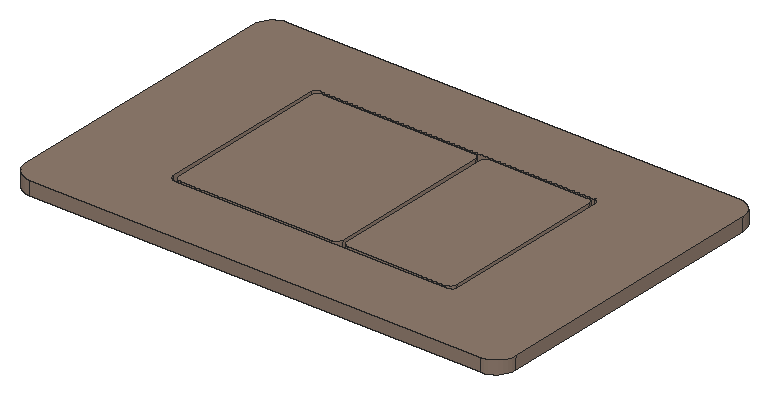
Revit family "ALMA-TBUTSQVB-Gregor_Square_Toilet_Flush_Plate_Button-Antique_Brass", category Plumbing Equipment, host Face, Revit 2026
Family settings
  Host = Face
  Round Connector Dimension = Use Diameter
  Classification = None
  Part Type = Normal
  Cut with Voids When Loaded = No
  Maintain Annotation Orientation = No
  Shared = No
  Room Calculation Point = No
Parameters
  Width = 162 mm
  Thickness = 6.5 mm
  Material = BM_ANTIQUE BRASS
  Length = 246 mm
  Default Elevation = 1219.2 mm
Reference planes
  plane 1 "Center (Front/Back)": y = 0
  plane 2: z = 0
  plane 3 "Center (Left/Right)": x = 0
  plane 4: y = 81
  plane 5: y = -81
  plane 6: x = -123
  plane 7: x = 123
  plane 8: y = 46
  plane 9: y = -46
  plane 10: x = 71.5
  plane 11: x = -71.5
  plane 12: x = -71.5
  plane 13: x = 10.453
  plane 14: x = 12.453
  plane 15: x = 69.5
  plane 16: z = 6.5
Forms (mm)
  Extrusion 1, solid, material "BM_ANTIQUE BRASS" <- "Material"
    sketch origin (0, 0, 0) x (1, 0, 0) y (0, 1, 0)
      loop
        arc (-113, 81) -> (-120.071, 78.071) -> (-123, 71) r 10
        line (-123, 71) -> (-123, -71)
        arc (-123, -71) -> (-120.071, -78.071) -> (-113, -81) r 10
        line (-113, -81) -> (113, -81)
        arc (113, -81) -> (120.071, -78.071) -> (123, -71) r 10
        line (123, -71) -> (123, 71)
        arc (123, 71) -> (120.071, 78.071) -> (113, 81) r 10
        line (113, 81) -> (-113, 81)
    from 0 to 6.5
  Extrusion 2, void
    sketch origin (0, 0, 0) x (1, 0, 0) y (0, 1, 0)
      loop
        arc (-68.5, 46) -> (-70.621, 45.121) -> (-71.5, 43) r 3
        line (-71.5, 43) -> (-71.5, -43)
        arc (-71.5, -43) -> (-70.621, -45.121) -> (-68.5, -46) r 3
        line (-68.5, -46) -> (68.5, -46)
        arc (68.5, -46) -> (70.621, -45.121) -> (71.5, -43) r 3
        line (71.5, -43) -> (71.5, 43)
        arc (71.5, 43) -> (70.621, 45.121) -> (68.5, 46) r 3
        line (68.5, 46) -> (-68.5, 46)
    from 3 to 6.5
  Extrusion 3, solid, material "BM_ANTIQUE BRASS" <- "Material"
    sketch origin (0, 0, 0) x (1, 0, 0) y (0, 1, 0)
      loop
        arc (-69.547, -41.5) -> (-68.668, -43.621) -> (-66.547, -44.5) r 3
        line (-66.547, -44.5) -> (9.453, -44.5)
        arc (9.453, -44.5) -> (11.574, -43.621) -> (12.453, -41.5) r 3
        line (12.453, -41.5) -> (12.453, 41.5)
        arc (12.453, 41.5) -> (11.574, 43.621) -> (9.453, 44.5) r 3
        line (9.453, 44.5) -> (-66.547, 44.5)
        arc (-66.547, 44.5) -> (-68.668, 43.621) -> (-69.547, 41.5) r 3
        line (-69.547, 41.5) -> (-69.547, -41.5)
    from 3 to 6.5
  Extrusion 4, solid, material "BM_ANTIQUE BRASS" <- "Material"
    sketch origin (0, 0, 0) x (1, 0, 0) y (0, 1, 0)
      loop
        arc (17.5, 44.5) -> (15.379, 43.621) -> (14.5, 41.5) r 3
        line (14.5, 41.5) -> (14.5, -41.5)
        arc (14.5, -41.5) -> (15.379, -43.621) -> (17.5, -44.5) r 3
        line (17.5, -44.5) -> (66.5, -44.5)
        arc (66.5, -44.5) -> (68.621, -43.621) -> (69.5, -41.5) r 3
        line (69.5, -41.5) -> (69.5, 41.5)
        arc (69.5, 41.5) -> (68.621, 43.621) -> (66.5, 44.5) r 3
        line (66.5, 44.5) -> (17.5, 44.5)
    from 3 to 6.5
Cuts and joins
  Extrusion 2 cuts Extrusion 1
Text (mm)
  text "Refer to www.buildmat.com.au for the most current product literature. \nAllow a +/- 5mm tolerance for dimensions shown in the product literature. \nPlease note product details are subject to change due to ongoing product development." at (1.508, -1260.312, 0), in view "Ref. Level"
Dimensions and locks
  "Length": plane 6 to plane 7
  "Width": plane 4 to plane 5
  equal spacing: plane 4, plane 1 "Center (Front/Back)", plane 5
  equal spacing: plane 6, plane 3 "Center (Left/Right)", plane 7
  plane 8 to plane 9 = 92 mm
  equal spacing: plane 8, plane 1 "Center (Front/Back)", plane 9
  plane 11 to plane 10 = 143 mm
  plane 12 to plane 13 = 81.953 mm
  plane 14 to plane 15 = 57.047 mm
  "Thickness": plane 16 to host face
  aligned and locked: plane 2 to host face
  aligned and locked: level to host face
Automatic sketch dimensions
  host sketch curve to host sketch curve = 2438.4 mm  (x2)
  Extrusion 1 sketch curve to plane 6 = 0 mm
  plane 5 to Extrusion 1 sketch curve = 0 mm
  Extrusion 1 sketch curve to plane 4 = 0 mm
  Extrusion 1 sketch curve to plane 7 = 0 mm
  plane 6 to Extrusion 1 sketch curve = 10 mm
  Extrusion 1 sketch curve to Extrusion 1 sketch curve = 10 mm
  plane 7 to Extrusion 1 sketch curve = 10 mm
  Extrusion 1 sketch curve to plane 4 = 10 mm
  Extrusion 2 sketch curve to plane 11 = 0 mm
  plane 9 to Extrusion 2 sketch curve = 0 mm
  Extrusion 2 sketch curve to plane 8 = 0 mm
  Extrusion 2 sketch curve to plane 10 = 0 mm
  plane 11 to Extrusion 2 sketch curve = 3 mm
  Extrusion 2 sketch curve to plane 8 = 3 mm  (x2)
  plane 10 to Extrusion 2 sketch curve = 3 mm
  plane 11 to Extrusion 3 sketch curve = 1.953 mm
  Extrusion 3 sketch curve to plane 9 = 1.5 mm
  Extrusion 3 sketch curve to Extrusion 3 sketch curve = 3 mm  (x2)
  Extrusion 3 sketch curve to plane 8 = 1.5 mm
  plane 3 "Center (Left/Right)" to Extrusion 3 sketch curve = 9.453 mm  (x2)
  Extrusion 3 sketch curve to plane 9 = 4.5 mm
  Extrusion 4 sketch curve to plane 9 = 4.5 mm
  plane 3 "Center (Left/Right)" to Extrusion 4 sketch curve = 14.5 mm
  Extrusion 4 sketch curve to plane 9 = 1.5 mm
  Extrusion 4 sketch curve to Extrusion 4 sketch curve = 3 mm
  plane 10 to Extrusion 4 sketch curve = 5 mm  (x2)
  plane 10 to Extrusion 4 sketch curve = 2 mm
  Extrusion 4 sketch curve to plane 8 = 4.5 mm
